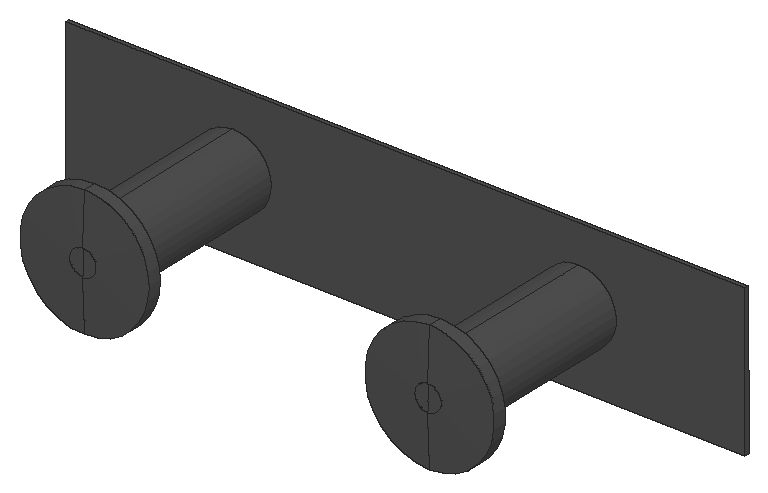
Revit family "Reece_Accessory_Roca_Ona_Double Robe Hook", category Plumbing Fixtures, Revit 2018
Family settings
  Round Connector Dimension = Use Diameter
  Part Type = Normal
  Work Plane-Based = Yes
  Always vertical = Yes
  Cut with Voids When Loaded = Yes
  Shared = Yes
  Room Calculation Point = Yes
Parameters (values of type "Matte Black")
  URL = "https://www.reece.com.au/product/-15043"
  Type Comments = "Accessory"
  Reece_Product_Web Page = "https://www.reece.com.au/product/-15043"
  Reece_Product_Type = "Accessory"  # constant formula
  Reece_Product_Sub Brand = "Ona"  # constant formula
  Reece_Product_Number = "15043"
  Reece_Product_Mount = "Wall Mounted"  # constant formula
  Reece_Product_Description = "Roca Ona Double Robe Hook Matte Black"
  Reece_Product_Brand = "Roca"  # constant formula
  Reece_Overall_Width = 181.0 mm  # constant formula
  Reece_Overall_Projection = 51.0 mm  # constant formula
  Reece_Overall_Height = 40.0 mm  # constant formula
  Reece_Material_Main = Reece_Brass_Matte Black
  Reece_Height_From_Level [instance] = 1600.0 mm
  Reece_Fixing_Limit [instance] = if(Reece_Height_From_Level < 20.0 mm, 20.0 mm, if(Reece_Height_From_Level > 20.0 mm, Reece_Height_From_Level, Reece_Height_From_Level))  # 1600.0 mm
  Reece_Detail_Shape = ""
  Reece_Detail_Installation = ""
  Reece_Detail_Disclaimer = "THIS FILE IS THE PROPERTY OF THE REECE GROUP. IT MAY NOT BE REPRODUCED, REVERSE-ENGINEERED, OR MODIFIED. ANY REPUBLICATION, TRANSMISSION, OR DISTRIBUTION FOR THE PURPOSE OF COMMERCIALLY EXPLOITING THE FILES IS PROHIBITED."  # constant formula
  Reece_Detail_Additional = "Double Robe Hook\r\n"  # constant formula
  Model = "Ona"
  Manufacturer = "Roca"
  Keynote = "Product #15043, Reece_Accessory_Roca_Ona_Double Robe Hook - Matte Black"
  Disclaimer = "THIS FILE IS THE PROPERTY OF THE REECE GROUP. IT MAY NOT BE REPRODUCED, REVERSE-ENGINEERED, OR MODIFIED. ANY REPUBLICATION, TRANSMISSION, OR DISTRIBUTION FOR THE PURPOSE OF COMMERCIALLY EXPLOITING THE FILES IS PROHIBITED."  # constant formula
  Description = "Roca Ona Double Robe Hook Matte Black"
  Default Elevation = 0.0 mm
Types (6, lengths in mm): name | URL | Reece_Product_Web Page | Reece_Product_Number | Reece_Product_Description | Reece_Material_Main | Keynote | Description
  (no name) | "https://www.reece.com.au/product/-15042" | "https://www.reece.com.au/product/-15042" | "15042" | "Roca Ona Double Robe Hook Chrome" | Reece_Brass_Chrome | "Product #15042, Reece_Accessory_Roca_Ona_Double Robe Hook -  " | "Roca Ona Double Robe Hook Chrome"
  Matte Black | "https://www.reece.com.au/product/-15043" | "https://www.reece.com.au/product/-15043" | "15043" | "Roca Ona Double Robe Hook Matte Black" | Reece_Brass_Matte Black | "Product #15043, Reece_Accessory_Roca_Ona_Double Robe Hook - Matte Black" | "Roca Ona Double Robe Hook Matte Black"
  Brushed Nickel | "https://www.reece.com.au/product/-15045" | "https://www.reece.com.au/product/-15045" | "15045" | "Roca Ona Double Robe Hook Brushed Nickel" | Reece_Brass_Brushed Nickel | "Product #15045, Reece_Accessory_Roca_Ona_Double Robe Hook - Brushed Nickel" | "Roca Ona Double Robe Hook Brushed Nickel"
  Brushed Brass | "https://www.reece.com.au/product/-15046" | "https://www.reece.com.au/product/-15046" | "15046" | "Roca Ona Double Robe Hook Brushed Brass" | Reece_Brass_Brushed | "Product #15046, Reece_Accessory_Roca_Ona_Double Robe Hook - Brushed Brass" | "Roca Ona Double Robe Hook Brushed Brass"
  Chrome | "https://www.reece.com.au/product/-15042" | "https://www.reece.com.au/product/-15042" | "15042" | "Roca Ona Double Robe Hook Chrome" | Reece_Brass_Chrome | "Product #15042, Reece_Accessory_Roca_Ona_Double Robe Hook - Chrome" | "Roca Ona Double Robe Hook Chrome"
  Matte White | "https://www.reece.com.au/product/-15044" | "https://www.reece.com.au/product/-15044" | "15044" | "Roca Ona Double Robe Hook Matte White" | Reece_Brass_Brushed Matte White | "Product #15044, Reece_Accessory_Roca_Ona_Double Robe Hook - Matte White" | "Roca Ona Double Robe Hook Matte White"
Reference planes
  plane 1 "Center (Front/Back)": y = 0
  plane 2: z = -5
  plane 3 "Center (Left/Right)": x = 0
  plane 4 "Ref": z = 1600
  plane 5 "L": x = -46
  plane 6 "R": x = 46
  plane 7: x = -90.5
  plane 8: x = 90.5
  plane 9: z = 1580
  plane 10: z = 1620
  plane 11: y = -51
Forms (mm)
  Revolve 1, void
    sketch origin (-46, 0, 0) x (0, 0, 1) y (0, -1, 0)
      loop
        line (1588.971, 7.5) -> (1588.971, 4.5) -> (1591.15, 4.5)
        arc (1591.15, 4.5) -> (1590.806, 5.982) -> (1590.69, 7.5) r 10.021
        line (1590.69, 7.5) -> (1588.971, 7.5)
      axis (1591.15, 7.5) -> (1588.971, 7.5)
    angle from 0 to 360
  Extrusion 2, void
    sketch origin (-46.5, 0, 1600) x (-1, 0, 0) y (0, -1, 0)
      loop
        line (-0.5, 8.924) -> (-1.733, 8.212) -> (-1.733, 6.788) -> (-0.5, 6.076) -> (0.733, 6.788) -> (0.733, 8.212) -> (-0.5, 8.924)
    from -13.157 to 0
  Extrusion 3, solid, material "Reece_Brass_Matte Black" <- "Reece_Material_Main"
    sketch origin (0, 0, 0) x (1, 0, 0) y (0, 0, 1)
      loop
        line (-90.5, 1620) -> (-90.5, 1580) -> (90.5, 1580) -> (90.5, 1620) -> (-90.5, 1620)
    from 0 to 1
  Revolve 4, solid, material "Reece_Brass_Matte Black" <- "Reece_Material_Main"
    sketch origin (-46, 0, 0) x (0, 0, 1) y (0, -1, 0)
      loop
        line (1600, 1) -> (1610, 1) -> (1610, 45.706)
        arc (1610, 45.706) -> (1610.23, 46.267) -> (1610.788, 46.506) r 0.8
        arc (1610.788, 46.506) -> (1614.027, 46.654) -> (1617.25, 47) r 52.812
        line (1617.25, 47) -> (1617.25, 50.5)
        arc (1617.25, 50.5) -> (1610.38, 50.875) -> (1603.5, 51) r 189.313
        line (1603.5, 51) -> (1600, 51) -> (1600, 1)
      axis (1600, 1) -> (1600, 51)
    angle from 0 to 360
  Revolve 5, void
    sketch origin (46, -4572, 1034.431) x (0, 0, 1) y (0, -1, 0)
      loop
        line (554.54, -4564.5) -> (554.54, -4567.5) -> (556.719, -4567.5)
        arc (556.719, -4567.5) -> (556.375, -4566.018) -> (556.26, -4564.5) r 10.021
        line (556.26, -4564.5) -> (554.54, -4564.5)
      axis (556.719, -4564.5) -> (554.54, -4564.5)
    angle from 0 to 360
  Extrusion 6, void
    sketch origin (46.5, 0, 1600) x (1, 0, 0) y (0, 1, 0)
      loop
        line (-0.5, -8.924) -> (0.733, -8.212) -> (0.733, -6.788) -> (-0.5, -6.076) -> (-1.733, -6.788) -> (-1.733, -8.212) -> (-0.5, -8.924)
    from -13.157 to 0
  Revolve 7, solid, material "Reece_Brass_Matte Black" <- "Reece_Material_Main"
    sketch origin (46, -4572, 1034.431) x (0, 0, 1) y (0, -1, 0)
      loop
        line (565.569, -4571) -> (575.569, -4571) -> (575.569, -4526.294)
        arc (575.569, -4526.294) -> (575.799, -4525.733) -> (576.357, -4525.494) r 0.8
        arc (576.357, -4525.494) -> (579.596, -4525.346) -> (582.819, -4525) r 52.812
        line (582.819, -4525) -> (582.819, -4521.5)
        arc (582.819, -4521.5) -> (575.949, -4521.125) -> (569.069, -4521) r 189.313
        line (569.069, -4521) -> (565.569, -4521) -> (565.569, -4571)
      axis (565.569, -4571) -> (565.569, -4521)
    angle from 0 to 360
Cuts and joins
  Revolve 5, Extrusion 6 cuts Extrusion 3
  Revolve 1, Extrusion 2, Revolve 5, Extrusion 6 cuts Revolve 4
  Revolve 5, Extrusion 6 cuts Revolve 7
  joined: Extrusion 3, Revolve 4, Revolve 7
Lines and regions (mm)
  model lines, style "InvisibleLines"
    curve 1: line (0, 0, -5) -> (0, 0, 1600)
Text (mm)
  text "Reece Copyright © 2018, Reece Ltd." at (-381.4, -97.774, 0), in view "Ref. Level"
  text "Reece ©" at (-450.67, 669.662, 1034.67), in view "Reece Preview"
Dimensions and locks
  equal spacing: Extrusion 3 sketch curve, plane 4 "Ref", Extrusion 3 sketch curve
  equal spacing: Extrusion 3 sketch curve, plane 3 "Center (Left/Right)", Extrusion 3 sketch curve
  plane 3 "Center (Left/Right)" to Extrusion 3 sketch curve = 90.5 mm
  plane 4 "Ref" to Extrusion 3 sketch curve = 20.0 mm
  "Reece_Fixing_Limit": plane 4 "Ref" to level
  plane 4 "Ref" to Revolve 1 sketch curve to Revolve 1 sketch curve to Revolve 1 sketch curve = 8.85 mm locked, 0.46 mm locked, 1.72 mm locked
  Revolve 5 sketch curve to Revolve 5 sketch curve to Revolve 5 sketch curve = 0.46 mm locked, 1.72 mm locked
  equal spacing: plane 10, plane 4 "Ref", plane 9, locked at 20 each
  plane 10 to plane 9 = 40.0 mm
  "Reece_Overall_Width": plane 7 to plane 8
  "Reece_Overall_Projection": plane 11 to plane 1 "Center (Front/Back)"
  equal spacing: plane 5 "L", plane 3 "Center (Left/Right)", plane 6 "R", locked at 46 each
  aligned and locked: Revolve 4 sketch curve to plane 4 "Ref"
  aligned and locked: Extrusion 3 to Revolve 4 sketch curve
Automatic sketch dimensions
  curve 1 to plane 3 "Center (Left/Right)" = 0.0 mm
  curve 1 to plane 2 = 0.0 mm
  curve 1 to plane 4 "Ref" = 0.0 mm
  plane 4 "Ref" to Revolve 1 sketch curve = 0.711 mm
  plane 1 "Center (Front/Back)" to Revolve 1 sketch curve = 4.5 mm
  Revolve 1 sketch curve to plane 9 = 7.456 mm
  plane 10 to Revolve 1 sketch curve = 2.544 mm
  plane 1 "Center (Front/Back)" to Revolve 1 sketch curve = 7.5 mm
  Extrusion 2 sketch curve to plane 5 "L" = 0.0 mm  (x2)
  plane 5 "L" to Extrusion 2 sketch curve = 1.233 mm
  Extrusion 2 sketch curve to plane 5 "L" = 1.233 mm
  plane 1 "Center (Front/Back)" to Extrusion 2 sketch curve = 6.076 mm
  Extrusion 2 sketch curve to Extrusion 2 sketch curve = 0.712 mm  (x3)
  Extrusion 2 sketch curve to Extrusion 2 sketch curve = 1.424 mm  (x2)
  Revolve 4 sketch curve to plane 4 "Ref" = 0.0 mm
  plane 4 "Ref" to Revolve 4 sketch curve = 3.5 mm
  plane 4 "Ref" to Revolve 4 sketch curve = 10.0 mm
  Revolve 4 sketch curve to Revolve 4 sketch curve = 6.5 mm
  Revolve 4 sketch curve to Revolve 4 sketch curve = 0.8 mm
  Revolve 4 sketch curve to plane 10 = 2.75 mm
  Revolve 4 sketch curve to plane 1 "Center (Front/Back)" = 138.313 mm
  Revolve 4 sketch curve to Revolve 4 sketch curve = 44.706 mm
  Revolve 4 sketch curve to Revolve 4 sketch curve = 0.494 mm
  Revolve 4 sketch curve to Revolve 4 sketch curve = 3.5 mm
  Revolve 4 sketch curve to Revolve 4 sketch curve = 48.312 mm
  Revolve 4 sketch curve to Revolve 4 sketch curve = 11.682 mm
  Revolve 4 sketch curve to Revolve 4 sketch curve = 12.376 mm
  Revolve 5 sketch curve to plane 9 = 8.971 mm
  Revolve 5 sketch curve to plane 4 "Ref" = 0.711 mm
  Revolve 5 sketch curve to plane 1 "Center (Front/Back)" = 4.5 mm
  plane 9 to Revolve 5 sketch curve = 7.456 mm
  Revolve 5 sketch curve to plane 10 = 2.544 mm
  Revolve 5 sketch curve to plane 1 "Center (Front/Back)" = 7.5 mm
  Extrusion 6 sketch curve to plane 6 "R" = 0.0 mm  (x2)
  Extrusion 6 sketch curve to plane 6 "R" = 1.233 mm
  plane 6 "R" to Extrusion 6 sketch curve = 1.233 mm
  Extrusion 6 sketch curve to plane 1 "Center (Front/Back)" = 6.076 mm
  Extrusion 6 sketch curve to Extrusion 6 sketch curve = 0.712 mm  (x3)
  Extrusion 6 sketch curve to Extrusion 6 sketch curve = 1.424 mm  (x2)
  Revolve 7 sketch curve to plane 4 "Ref" = 0.0 mm  (x2)
  Revolve 7 sketch curve to plane 4 "Ref" = 3.5 mm
  Revolve 7 sketch curve to plane 4 "Ref" = 10.0 mm
  Revolve 7 sketch curve to Revolve 7 sketch curve = 6.5 mm
  Revolve 7 sketch curve to Revolve 7 sketch curve = 0.8 mm
  plane 10 to Revolve 7 sketch curve = 2.75 mm
  plane 1 "Center (Front/Back)" to Revolve 7 sketch curve = 138.313 mm
  Revolve 7 sketch curve to plane 1 "Center (Front/Back)" = 1.0 mm
  Revolve 7 sketch curve to Revolve 7 sketch curve = 44.706 mm
  Revolve 7 sketch curve to Revolve 7 sketch curve = 0.494 mm
  Revolve 7 sketch curve to Revolve 7 sketch curve = 3.5 mm
  Revolve 7 sketch curve to Revolve 7 sketch curve = 48.312 mm
  Revolve 7 sketch curve to Revolve 7 sketch curve = 11.682 mm
  Revolve 7 sketch curve to Revolve 7 sketch curve = 12.376 mm
